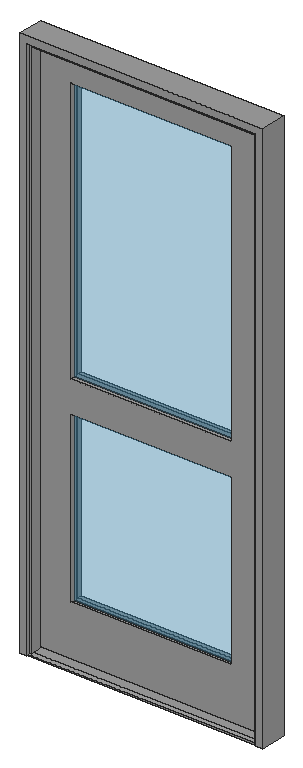
Revit family "WS-500TC-DOOR-1-PD-CW_v05", category Curtain Panels, Revit 2015
Parameters
  Width [instance] = 3' - 2"
  URL = "obe.com"
  Rough Width [instance] = 3' - 6"
  Panel Width [instance] = [Min-Max Panel Width]  # 3' - 3 1/2"
  Panel Offset [instance] = 0' - 0"
  Offset [instance] = 0' - 1"
  Model = "WS-500TC DOOR"
  Min-Max Rough Width [instance] = if(and((Rough Width > 3' 2 1/2"), (Rough Width < 3' 8 129/256")), Rough Width, 3' 2 1/2")  # 3' - 6"
  Min-Max Panel Width [instance] = if(and((Rough Width > 3' 2 1/2"), (Rough Width < 3' 8 129/256")), Rough Width - 0' 2 1/2", 3' 0")  # 3' - 3 1/2"
  Manufacturer = "Oldcastle BuildingEnvelope®"
  Keynote = "08 11 00"
  Height [instance] = 8' - 0"
  Pushbar Height [instance] = 3' - 5 1/4"  # constant formula
  Glass Material = Glass
  Frame Material = Aluminum
  Door Panel Height [instance] = Height - 0' 0 19/32"  # 7' - 11 13/32"
  Description = "WS-500TC - 1\" Door Infill"
  Assembly Code = "B2030"
  Analytic Construction = "<None>"
  8 Muntin [instance] = not([4 Muntin])  # no
  8 Bottom Rail [instance] = yes
  4 Muntin [instance] = yes
  10 Bottom Rail [instance] = not([8 Bottom Rail])  # no
Reference planes (in)
  plane 1 "Front": y = 0
  plane 2: z = 0
  plane 3 "Center (Left/Right)": x = 0
  plane 4 "Left": x = -19
  plane 5 "Right": x = 19
  plane 6 "Top": z = 96
  plane 7 "Offset": y = -1
  plane 8: x = -21
  plane 9: x = 21
Forms (in)
  Sweep 1, solid, material "Aluminum" <- "Frame Material"
    path origin (0, -1, 0) x (-1, 0, 0) y (0, 0, 1)
      loop
        line (-21, 96) -> (-21, 0)
    profile origin (21, -1, 48) x (0, 1, 0) y (-1, 0, 0)
      loop
        line (0, 0) -> (0, 1.25) -> (-2.376, 1.25) -> (-2.376, 1.75) -> (-4.088, 1.75) -> (-4.088, 1.25) -> (-4.50055, 1.25) -> (-4.50055, 0) -> (0, 0)
  Sweep 2, solid, material "Aluminum" <- "Frame Material"
    path origin (0, -1, 0) x (-1, 0, 0) y (0, 0, 1)
      loop
        line (21, 96) -> (21, 0)
    profile origin (-21, -1, 48) x (0, 1, 0) y (-1, 0, 0)
      loop
        line (0, 0) -> (-4.50055, 0) -> (-4.50055, -1.25) -> (-4.088, -1.25) -> (-4.088, -1.75) -> (-2.376, -1.75) -> (-2.376, -1.25) -> (0, -1.25) -> (0, 0)
  Sweep 3, solid, material "Aluminum" <- "Frame Material"
    path origin (0, -1, 0) x (-1, 0, 0) y (0, 0, 1)
      loop
        line (21, 96) -> (-21, 96)
    profile origin (0, -1, 96) x (0, 0, -1) y (0, 1, 0)
      loop
        line (1.25, 0) -> (0, 0) -> (0, -4.50055) -> (1.25, -4.50055) -> (1.25, -4.088) -> (1.75, -4.088) -> (1.75, -2.376) -> (1.25, -2.376) -> (1.25, 0)
Cuts and joins
  joined: Sweep 1, Sweep 2, Sweep 3
Text (in)
  text "Exterior" at (-54.29358, 31.38743, 0), in view "Ref. Level"
  text "Exterior" at (480, 41.53993, 89.60405), in view "Right"
  text "Exterior" at (-240, 57.82419, 105.78864), in view "Left"
Dimensions and locks (in)
  equal spacing: plane 4 "Left", plane 3 "Center (Left/Right)", plane 5 "Right"
  "Width": plane 4 "Left" to plane 5 "Right"
  "Height": plane 6 "Top" to plane 2
  "Offset": plane 7 "Offset" to plane 1 "Front"
  locked: plane 9 to nested 2 at 1.25
  locked: nested 3 to plane 8 at 1.25
  locked: plane 7 "Offset" to nested 3 at 1.24855
  locked: plane 7 "Offset" to nested 2 at 1.24855
  locked: plane 6 "Top" to nested 4 at 1.25
  locked: plane 7 "Offset" to nested 4 at 1.24855
  equal spacing: plane 8, plane 3 "Center (Left/Right)", plane 9
  "Min-Max Rough Width": plane 8 to plane 9
  locked: nested 1 to plane 7 "Offset" at 0.25
  aligned and locked: level to plane 2
  aligned and locked: plane 3 "Center (Left/Right)" to nested 1
  aligned and locked: plane 2 to Sweep 1 sketch curve
  aligned and locked: plane 6 "Top" to Sweep 1 sketch curve
  aligned and locked: plane 2 to Sweep 2 sketch curve
  aligned and locked: plane 6 "Top" to Sweep 2 sketch curve
  aligned and locked: plane 6 "Top" to Sweep 3 sketch curve
  aligned and locked: plane 8 to Sweep 2 sketch curve
  aligned and locked: Sweep 1 sketch curve to plane 9
  aligned and locked: plane 9 to Sweep 3 sketch curve
  aligned and locked: plane 8 to Sweep 3 sketch curve
Automatic sketch dimensions
  Sweep 2 sketch curve to profile plane = 0' - 0"
  Sweep 2 sketch curve to plane 7 "Offset" = 0' - 0"
  Sweep 2 sketch curve to plane 7 "Offset" = 0' - 2.376"
  Sweep 2 sketch curve to Sweep 2 sketch curve = 0' - 1.712"
  Sweep 2 sketch curve to Sweep 2 sketch curve = 0' - 0.41255"
  profile plane to Sweep 2 sketch curve = 0' - 1 1/4"  (x2)
  Sweep 2 sketch curve to Sweep 2 sketch curve = 0' - 0 1/2"
  Sweep 1 sketch curve to profile plane = 0' - 0"
  Sweep 1 sketch curve to plane 7 "Offset" = 0' - 0"
  Sweep 1 sketch curve to plane 7 "Offset" = 0' - 2.376"
  Sweep 1 sketch curve to Sweep 1 sketch curve = 0' - 1.712"
  Sweep 1 sketch curve to Sweep 1 sketch curve = 0' - 0.41255"
  Sweep 1 sketch curve to profile plane = 0' - 1 1/4"
  Sweep 1 sketch curve to Sweep 1 sketch curve = 0' - 1 1/4"
  Sweep 1 sketch curve to Sweep 1 sketch curve = 0' - 0 1/2"
  Sweep 3 sketch curve to plane 7 "Offset" = 0' - 0"
  Sweep 3 sketch curve to profile plane = 0' - 0"
  Sweep 3 sketch curve to Sweep 3 sketch curve = 0' - 1 1/4"  (x2)
  Sweep 3 sketch curve to Sweep 3 sketch curve = 0' - 0 1/2"
  Sweep 3 sketch curve to Sweep 3 sketch curve = 0' - 2.376"
  Sweep 3 sketch curve to Sweep 3 sketch curve = 0' - 1.712"
  Sweep 3 sketch curve to Sweep 3 sketch curve = 0' - 0.41255"
Nested families (in)
  nested 1: "WS-500TC-DOOR-1-PD-Panel_v05" at (0, -19.125, 0), Frame Material <- "Frame Material", Glass Material <- "Glass Material", Height <- "Door Panel Height", Width <- "Min-Max Panel Width", 4 Muntin <- "4 Muntin", 8 Bottom Rail <- "8 Bottom Rail", Offset <- "Offset", type "WS-500TC-DOOR-1-PD-Panel_v05"
    with built-in parameter 1001301 3' - 3 1/2", Pushbar Height 3' - 5 1/4", Offset 0' - 1", Hinge yes, built-in parameter 1001300 7' - 11 13/32", Glass at Muntin 0' - 4 9/16", Glass Material Glass, Frame Material Aluminum, Bottom Rail 0' - 8 29/32", 8 Muntin no, 8 Bottom Rail yes, 4 Muntin yes, 10 Bottom Rail no
  nested 2: "EDGE FRAME L" at (22.25, -2.24855, 0) x (-1, 0, 0) z (0, 0, 1), type "EDGE FRAME L"
  nested 3: "EDGE FRAME R" at (-22.25, -2.24855, 0) x (-1, 0, 0) z (0, 0, 1), type "EDGE FRAME R"
  nested 4: "TOP FRAME" at (0, -2.24855, 97.25) x (0, -1, 0) z (1, 0, 0), type "TOP FRAME"
Definition of nested family "WS-500TC-DOOR-1-PD-Panel_v05"
  Parameters (values of type "WS-500TC-DOOR-1-PD-Panel_v05")
    Width [instance] = 4' - 0"
    Pushbar Height [instance] = 3' - 5 1/4"  # constant formula
    Offset [instance] = 0' - 1"
    Hinge [instance] = yes
    Height [instance] = 8' - 0"
    Glass at Muntin [instance] = if([4 Muntin], 0' 4 9/16", 0' 8 9/16")  # 0' - 4 9/16"
    Glass Material [instance] = none
    Frame Material [instance] = none
    Bottom Rail [instance] = if([10 Bottom Rail], 0' 10 29/32", 0' 8 29/32")  # 0' - 8 29/32"
    Analytic Construction = "<None>"
    8 Muntin [instance] = not([4 Muntin])  # no
    4 Muntin [instance] = yes
    8 Bottom Rail [instance] = yes
    10 Bottom Rail [instance] = not([8 Bottom Rail])  # no
  Reference planes (in)
    plane 1 "00": y = 16.875
    plane 2: z = 0
    plane 3 "Center (Left/Right)": x = 0
    plane 4: z = 96
    plane 5: x = -24
    plane 6: x = 24
    plane 7 "Center (Front/Back)": y = 19
    plane 8 "Exterior": y = 17.375
    plane 9: z = 48
    plane 10: z = 92.96875
    plane 11: z = 90.87879
    plane 12: z = 38.96875
    plane 13: z = 43.53125
    plane 14: z = 8.90625
    plane 15: y = 18
    plane 16: z = 41.25
  Forms (in)
    Sweep 1, solid, material <- "Frame Material"
      path origin (0, 5, 0) x (1, 0, 0) y (0, 0, 1)
        loop
          line (-23.74884, 96) -> (23.74884, 96)
      profile origin (0, 5, 96) x (0, 0, 1) y (0, -1, 0)
        loop
          line (-5.53121, -12.375) -> (-5.53121, -12.99855) -> (-0.65625, -12.99855) -> (-0.65625, -10.74755) -> (-5.53121, -10.74755) -> (-5.53121, -11.375) -> (-5.12121, -11.375) -> (-5.12121, -12.375) -> (-5.53121, -12.375)
    Sweep 2, solid, material <- "Frame Material"
      path origin (0, 16.875, 0) x (1, 0, 0) y (0, 0, 1)
        loop
          line (23.74884, 0) -> (-23.74884, 0)
      profile origin (0, 16.875, 0) x (0, 0, -1) y (0, -1, 0)
        loop
          line (-9.43778, 1.12745) -> (-9.43778, 0.50024) -> (-8.90649, 0.50024) -> (-8.90649, -0.49976) -> (-9.43796, -0.5) -> (-9.43796, -1.12355) -> (-8.90649, -1.12355) -> (-0.68754, -1.12355) -> (-0.68754, 1.12745) -> (-9.43778, 1.12745)
        loop
          line (-0.5, -0.86754) -> (-0.25001, -1.36755) -> (0, -1.36755) -> (0, 3.13245) -> (-0.25001, 3.13245) -> (-0.5, 2.63246) -> (-0.5, -0.86754)
    Sweep 3, solid, material <- "Frame Material"
      path origin (0, 16.875, 0) x (1, 0, 0) y (0, 0, 1)
        loop
          line (24, 95.34375) -> (24, 0.68754)
      profile origin (24, 16.875, 48.01565) x (0, -1, 0) y (1, 0, 0)
        loop
          line (-1.12355, -0.09375) -> (-1.12355, -5.84371) -> (-0.5, -5.84371) -> (-0.5, -5.43371) -> (0.252, -5.43371) -> (0.5, -5.43371) -> (0.5, -5.84371) -> (1.12745, -5.84371) -> (1.12745, -0.25116) -> (-1.12355, -0.09375)
    Sweep 4, solid, material <- "Frame Material"
      path origin (0, 16.875, 0) x (1, 0, 0) y (0, 0, 1)
        loop
          line (-24, 95.34375) -> (-24, 0.68754)
      profile origin (-24, 16.875, 48.01565) x (0, -1, 0) y (1, 0, 0)
        loop
          line (-1.125, 5.84371) -> (-1.125, 0.09365) -> (1.12745, 0.25116) -> (1.12745, 5.84371) -> (0.5, 5.84371) -> (0.5, 5.43371) -> (-0.5, 5.43371) -> (-0.5, 5.84371) -> (-1.125, 5.84371)
    Sweep 5, solid, material <- "Frame Material"
      path origin (0, 16.875, 0) x (1, 0, 0) y (0, 0, 1)
        loop
          line (23.74884, 48) -> (-23.74884, 48)
      profile origin (0, 16.875, 48) x (0, 0, -1) y (0, -1, 0)
        loop
          line (3.93679, 0.5) -> (4.46875, 0.5) -> (4.46875, -0.5) -> (3.93679, -0.5) -> (3.93679, -1.12355) -> (9.44125, -1.12355) -> (9.44125, -0.5) -> (9.03125, -0.5) -> (9.03125, 0.5) -> (9.44125, 0.5) -> (9.44125, 1.12745) -> (3.93679, 1.12745) -> (3.93679, 0.5)
    Extrusion 6, solid, material <- "Glass Material", detail levels coarse
      sketch origin (0, 0, 0) x (1, 0, 0) y (0, 1, 0)
        loop
          line (-18.56629, 16.375) -> (18.56629, 16.375) -> (18.56629, 17.375) -> (-18.56629, 17.375) -> (-18.56629, 16.375)
      from 43.53125 to 90.87879
    Extrusion 7, solid, material <- "Glass Material", detail levels medium+fine
      sketch origin (0, 0, 0) x (1, 0, 0) y (0, 1, 0)
        loop
          line (-18.56629, 16.375) -> (18.56629, 16.375) -> (18.56629, 16.623) -> (-18.56629, 16.623) -> (-18.56629, 16.375)
        loop
          line (18.56629, 17.375) -> (-18.56629, 17.375) -> (-18.56629, 17.127) -> (18.56629, 17.127) -> (18.56629, 17.375)
      from 43.53125 to 90.87879
    Extrusion 8, solid, material <- "Glass Material", detail levels coarse
      sketch origin (0, 0, 0) x (1, 0, 0) y (0, 1, 0)
        loop
          line (-18.56629, 16.375) -> (18.56629, 16.375) -> (18.56629, 17.375) -> (-18.56629, 17.375) -> (-18.56629, 16.375)
      from 8.90625 to 38.96875
    Extrusion 9, solid, material <- "Glass Material", detail levels medium+fine
      sketch origin (0, 0, 0) x (1, 0, 0) y (0, 1, 0)
        loop
          line (-18.56629, 16.375) -> (18.56629, 16.375) -> (18.56629, 16.623) -> (-18.56629, 16.623) -> (-18.56629, 16.375)
        loop
          line (-18.56629, 17.127) -> (18.56629, 17.127) -> (18.56629, 17.375) -> (-18.56629, 17.375) -> (-18.56629, 17.127)
      from 8.90625 to 38.96875
  Cuts and joins
    joined: Sweep 1, Sweep 2, Sweep 3, Sweep 4, Sweep 5
  Lines and regions (in)
    model lines
      curve 1: line (-18.15629, 16.875, 48) -> (18.15629, 16.875, 9.43778)
      curve 2: line (-18.15629, 16.875, 48) -> (18.15629, 16.875, 90.46879)
  Dimensions and locks (in)
    "Offset": plane 15 to plane 7 "Center (Front/Back)"
    plane 1 "00" to plane 8 "Exterior" to plane 15 = 0' - 0 1/2" locked, 0' - 0 5/8" locked
    equal spacing: level, plane 9, plane 4
    locked: plane 4 to plane 10 at 3.03125
    Extrusion 7 sketch curve to Extrusion 7 sketch curve to nested 1 to Extrusion 7 sketch curve to Extrusion 7 sketch curve = 0' - 0.248" locked, 0' - 0.252" locked, 0' - 0.252" locked, 0' - 0.248" locked
    Extrusion 8 sketch curve to plane 1 "00" to Extrusion 8 sketch curve = 0' - 0 1/2" locked, 0' - 0 1/2" locked
    Extrusion 9 sketch curve to Extrusion 9 sketch curve to plane 1 "00" to Extrusion 9 sketch curve to Extrusion 9 sketch curve = 0' - 0.248" locked, 0' - 0.252" locked, 0' - 0.252" locked, 0' - 0.248" locked
    "Glass at Muntin": plane 12 to plane 13
    locked: plane 11 to plane 4 at 5.12121
    "Height": plane 4 to plane 2
    locked: Sweep 1 sketch curve to plane 11 at 0.41  (x2)
    "Bottom Rail": plane 14 to plane 2
    locked: plane 14 to Sweep 2 sketch curve at 0.53153
    locked: Sweep 2 sketch curve to plane 14 at 0.53171
    Extrusion 6 sketch curve to Extrusion 6 sketch curve to plane 8 "Exterior" = 0' - 1" locked, 0' - 0" locked
    locked: plane 13 to Sweep 5 sketch curve at 0.53196  (x2)
    locked: Sweep 5 sketch curve to plane 12 at 0.41  (x2)
    equal spacing: plane 5, plane 3 "Center (Left/Right)", plane 6
    "Width": plane 5 to plane 6
    equal spacing: plane 12, plane 16, plane 13
    "Pushbar Height": plane 2 to plane 16
    locked: plane 2 to Sweep 3 sketch curve at 0.68754
    locked: plane 2 to Sweep 4 sketch curve at 0.68754
    aligned and locked: plane 2 to level
    aligned and locked: plane 1 "00" to nested 1
    aligned and locked: plane 3 "Center (Left/Right)" to nested 1
    aligned and locked: Sweep 1 sketch curve to plane 4
    aligned and locked: Sweep 2 sketch curve to level
    aligned and locked: level to nested 2
    aligned and locked: nested 2 to plane 1 "00"
    aligned and locked: Sweep 5 sketch curve to plane 9
    aligned and locked: Extrusion 7 to plane 11
    aligned and locked: Extrusion 6 to plane 11
    aligned and locked: plane 13 to Extrusion 7
    aligned and locked: Extrusion 9 to plane 12
    aligned and locked: Extrusion 8 to plane 12
    aligned and locked: plane 9 to curve 1
    aligned and locked: Extrusion 9 to plane 14
    aligned and locked: Extrusion 8 to plane 14
    aligned and locked: Sweep 3 sketch curve to plane 6
    aligned and locked: Sweep 4 sketch curve to plane 5
    aligned and locked: plane 13 to Extrusion 6
    aligned and locked: Sweep 3 sketch curve to nested 1  (x6)
    aligned and locked: Sweep 3 sketch curve to Sweep 3 sketch curve
    aligned and locked: Sweep 4 sketch curve to nested 1  (x5)
    aligned and locked: Sweep 4 sketch curve to plane 15
    aligned and locked: Sweep 4 sketch curve to Sweep 4 sketch curve
    aligned and locked: Sweep 4 sketch curve to plane 8 "Exterior"
    aligned and locked: cut or joined group of Sweep 1, Sweep 2, Sweep 3, Sweep 4, Sweep 5 to Sweep 4 sketch curve
    aligned and locked: Sweep 3 sketch curve to cut or joined group of Sweep 1, Sweep 2, Sweep 3, Sweep 4, Sweep 5
    aligned and locked: Extrusion 9 sketch curve to Extrusion 9 sketch curve  (x2)
    aligned and locked: nested 1 to Extrusion 9 sketch curve
    aligned and locked: Extrusion 9 sketch curve to nested 1
    aligned and locked: cut or joined group of Sweep 1, Sweep 2, Sweep 3, Sweep 4, Sweep 5 to Extrusion 8 sketch curve
    aligned and locked: Extrusion 8 sketch curve to cut or joined group of Sweep 1, Sweep 2, Sweep 3, Sweep 4, Sweep 5
    aligned and locked: nested 1 to Extrusion 7 sketch curve
    aligned and locked: Extrusion 7 sketch curve to Extrusion 7 sketch curve  (x2)
    aligned and locked: Extrusion 7 sketch curve to nested 1
    aligned and locked: Extrusion 6 sketch curve to nested 1
    aligned and locked: Extrusion 6 sketch curve to cut or joined group of Sweep 1, Sweep 2, Sweep 3, Sweep 4, Sweep 5
  Automatic sketch dimensions
    plane 1 "00" to Sweep 1 sketch curve = 0' - 1.12745"
    profile plane to Sweep 1 sketch curve = 0' - 0 21/32"
    plane 1 "00" to Sweep 1 sketch curve = 0' - 0 1/2"
    Sweep 1 sketch curve to plane 1 "00" = 0' - 0 1/2"
    Sweep 1 sketch curve to plane 1 "00" = 0' - 1.12355"
    Sweep 1 sketch curve to Sweep 1 sketch curve = 0' - 0.41"
    plane 1 "00" to Sweep 5 sketch curve = 0' - 0 1/2"  (x2)
    Sweep 5 sketch curve to Sweep 5 sketch curve = 0' - 0.53196"
    Sweep 5 sketch curve to plane 1 "00" = 0' - 0 1/2"  (x2)
    Sweep 5 sketch curve to Sweep 5 sketch curve = 0' - 0.62355"
    Sweep 5 sketch curve to Sweep 5 sketch curve = 0' - 0.62745"
    Sweep 2 sketch curve to profile plane = 0' - 0"
    Sweep 2 sketch curve to Sweep 2 sketch curve = 0' - 0.53128"
    Sweep 2 sketch curve to plane 1 "00" = 0' - 0.49976"
    Sweep 2 sketch curve to Sweep 2 sketch curve = 0' - 0"  (x2)
    profile plane to Sweep 2 sketch curve = 0' - 0 1/4"  (x2)
    Sweep 2 sketch curve to Sweep 2 sketch curve = 0' - 0.62379"
    plane 1 "00" to Sweep 2 sketch curve = 0' - 0.50024"
    Sweep 2 sketch curve to Sweep 2 sketch curve = 0' - 0.62721"
    Sweep 2 sketch curve to Sweep 2 sketch curve = 0' - 1.50501"
    Sweep 2 sketch curve to Sweep 2 sketch curve = 0' - 0 1/2"
    Sweep 2 sketch curve to plane 1 "00" = 0' - 0 1/2"
    Sweep 5 sketch curve to Sweep 5 sketch curve = 0' - 0.41"
    Sweep 2 sketch curve to Sweep 2 sketch curve = 0' - 0.18754"
    Sweep 2 sketch curve to Sweep 2 sketch curve = 0' - 0.43753"
    Sweep 2 sketch curve to Sweep 2 sketch curve = 0' - 0.244"
    Sweep 2 sketch curve to Sweep 2 sketch curve = 0' - 0.25601"
    Sweep 3 sketch curve to Sweep 3 sketch curve = 0' - 0.248"
    profile plane to Sweep 3 sketch curve = 0' - 0 3/32"
    plane 5 to Sweep 2 sketch curve = 0' - 0.25116"
    Sweep 2 sketch curve to plane 6 = 0' - 0.25116"
    plane 5 to Sweep 5 sketch curve = 0' - 0.25116"
    Sweep 5 sketch curve to plane 6 = 0' - 0.25116"
    plane 5 to Sweep 1 sketch curve = 0' - 0.25116"
    Sweep 1 sketch curve to plane 6 = 0' - 0.25116"
    plane 5 to curve 2 = 0' - 5.84371"
    plane 11 to curve 2 = 0' - 0.41"
    curve 2 to plane 6 = 0' - 5.84371"
    plane 14 to curve 1 = 0' - 0.53153"
    curve 1 to plane 6 = 0' - 5.84371"
  Nested families (in)
    nested 1: "WS-500TC-DOOR-1-PD-Plan View_v02" at (0, 16.875, 0), Width <- "Width", type "WS-500TC-1-PD-Plan View"
      with Width 4' - 0"
    nested 2: "WS-500TC-DOOR-1-PD-Section_v02" at (0, 16.875, 0) x (0, -1, 0) z (1, 0, 0), Height <- "Height", 4 Muntin <- "4 Muntin", 8 Muntin <- "8 Muntin", 8 Bottom Rail <- "8 Bottom Rail", type "WS-500TC-DOOR-1-PD-Section_v02"
      with Pushbar Height 3' - 5 1/4", Height 8' - 0", Glass at Muntins 0' - 4 9/16", Bottom Rail 0' - 8 29/32", 8 Muntin no, 8 Bottom Rail yes, 4 Muntin yes, 10 Bottom Rail no
  Definition of nested family "WS-500TC-DOOR-1-PD-Plan View_v02"
    Parameters (values of type "WS-500TC-1-PD-Plan View")
      Width [instance] = 3' - 0"
    Reference planes (in)
      plane 1 "Center (Front/Back)": y = 0
      plane 2: z = 0
      plane 3 "Center (Left/Right)": x = 0
      plane 4: x = -18
      plane 5: x = 18
      plane 6: x = 16.4885
      plane 7: y = 37.5
      plane 8: x = 17.90625
      plane 9: y = 1.5
    Lines and regions (in)
      detail lines, in view "Ref. Level", not visible
        curve 1: line (12.55454, 0.5, 0) -> (-12.31604, 0.5, 0)
        curve 2: line (12.55454, 0.252, 0) -> (-12.31604, 0.252, 0)
        curve 3: line (12.55454, -0.252, 0) -> (-12.31604, -0.252, 0)
        curve 4: line (-12.31604, -0.5, 0) -> (12.55454, -0.5, 0)
      detail lines, in view "Ref. Level"
        curve 5: line (16.9885, 6.83996, 0) -> (16.9885, 32.06617, 0)
        curve 14: line (15.9885, 6.83996, 0) -> (15.9885, 32.06617, 0)
        curve 15: arc (-17.90625, 1.12355, 0) -> (-7.65575, 26.62336, 0) -> (17.62355, 37.40625, 0) r 35.90822
      detail lines, in view "Ref. Level", detail levels fine
        curve 6: line (16.9265, 6.83996, 0) -> (16.9265, 32.06617, 0)
        curve 7: line (16.8645, 6.83996, 0) -> (16.8645, 32.06617, 0)
        curve 8: line (16.8025, 6.83996, 0) -> (16.8025, 32.06617, 0)
        curve 11: line (16.1745, 6.83996, 0) -> (16.1745, 32.06617, 0)
        curve 12: line (16.1125, 6.83996, 0) -> (16.1125, 32.06617, 0)
        curve 13: line (16.0505, 6.83996, 0) -> (16.0505, 32.06617, 0)
      detail lines, in view "Ref. Level", detail levels medium+fine
        curve 9: line (16.7405, 6.83996, 0) -> (16.7405, 32.06617, 0)
        curve 10: line (16.2365, 6.83996, 0) -> (16.2365, 32.06617, 0)
    Dimensions and locks (in)
      locked: nested 1 to plane 4 at 2.50025
      plane 6 to plane 5 to nested 3 = 0' - 1.5115" locked, 0' - 2.50025" locked
      locked: nested 4 to plane 1 "Center (Front/Back)" at 1.094
      locked: plane 7 to nested 2 at 2.50013
      "Width": plane 9 to plane 7
      equal spacing: plane 4, plane 3 "Center (Left/Right)", plane 5
      "Width": plane 4 to plane 5
      locked: plane 8 to plane 5 at 0.09375
      locked: plane 1 "Center (Front/Back)" to plane 9 at 1.5
      locked: plane 4 to nested 1 at 0.09375
      aligned and locked: nested 1 to plane 1 "Center (Front/Back)"
      aligned and locked: plane 6 to nested 2
      aligned and locked: plane 6 to nested 4
      aligned and locked: plane 9 to nested 4
      aligned and locked: plane 8 to nested 3
      aligned and locked: plane 9 to curve 15
      aligned and locked: curve 15 to nested 1
    Automatic sketch dimensions
      curve 15 to plane 8 = 0' - 0.2827"
      plane 6 to curve 5 = 0' - 0 1/2"
      curve 6 to curve 5 = 0' - 0.062"
      curve 7 to curve 6 = 0' - 0.062"
      curve 8 to curve 7 = 0' - 0.062"
      curve 9 to curve 8 = 0' - 0.062"
      curve 10 to plane 6 = 0' - 0.252"
      curve 11 to curve 10 = 0' - 0.062"
      curve 12 to curve 11 = 0' - 0.062"
      curve 13 to curve 12 = 0' - 0.062"
      curve 14 to curve 13 = 0' - 0.062"
      curve 1 to plane 1 "Center (Front/Back)" = 0' - 0 1/2"
      curve 1 to plane 6 = 0' - 3.93396"
      plane 1 "Center (Front/Back)" to curve 3 = 0' - 0.252"
      curve 3 to curve 1 = 0' - 0"
      curve 4 to curve 3 = 0' - 0"  (x2)
      curve 2 to curve 1 = 0' - 0"
      plane 4 to curve 3 = 0' - 5.68396"
      curve 2 to plane 1 "Center (Front/Back)" = 0' - 0.252"
      curve 2 to curve 3 = 0' - 0"
      curve 1 to curve 2 = 0' - 0"
      plane 4 to curve 15 = 0' - 0 3/32"
      curve 4 to curve 3 = 0' - 0.248"
      curve 6 to plane 9 = 0' - 5.33996"
      curve 13 to curve 6 = 0' - 0"
      curve 7 to curve 6 = 0' - 0"  (x2)
      curve 13 to curve 12 = 0' - 0"  (x2)
      curve 8 to curve 7 = 0' - 0"  (x2)
      curve 6 to curve 5 = 0' - 0"  (x2)
      curve 9 to curve 8 = 0' - 0"
      curve 12 to curve 11 = 0' - 0"  (x2)
      curve 11 to curve 10 = 0' - 0"  (x2)
      curve 14 to curve 13 = 0' - 0"  (x2)
      plane 7 to curve 11 = 0' - 5.43383"
      curve 11 to curve 7 = 0' - 0"
      curve 9 to curve 7 = 0' - 0"
      curve 15 to plane 5 = 0' - 0"
    Nested families (in)
      nested 1: "HINGE-PD-DI" at (-20.50025, 0, 0), type "HINGE-PD-DI", in view "Ref. Level", not visible
      nested 2: "HINGE-PD-DI" at (16.4885, 40.00013, 0) x (0, -1, 0) z (0, 0, 1), type "HINGE-PD-DI", in view "Ref. Level"
      nested 3: "HINGE-PD-DI" at (20.50025, 0, 0) x (-1, 0, 0) z (0, 0, 1), type "HINGE-PD-DI", in view "Ref. Level", not visible
      nested 4: "HINGE-PD-DI" at (16.4885, -1.094, 0) x (0, 1, 0) z (0, 0, 1), type "HINGE-PD-DI", in view "Ref. Level"
    Definition of nested family "HINGE-PD-DI"
      Reference planes (in)
        plane 1 "Center (Front/Back)": y = 0
        plane 2: z = 0
        plane 3 "Center (Left/Right)": x = 0
      Lines and regions (in)
        detail lines, in view "Ref. Level"
          curve 1: line (2.75141, 1.12745, 0) -> (2.594, -1.12355, 0)
          curve 2: line (2.594, -1.12355, 0) -> (8.34396, -1.12355, 0)
          curve 3: line (8.34396, -1.12355, 0) -> (8.34396, -0.5, 0)
          curve 4: line (8.34396, -0.5, 0) -> (7.93396, -0.5, 0)
          curve 5: line (7.93396, -0.5, 0) -> (7.93396, 0.5, 0)
          curve 6: line (7.93396, 0.5, 0) -> (8.34396, 0.5, 0)
          curve 7: line (8.34396, 0.5, 0) -> (8.34396, 1.12745, 0)
          curve 8: line (8.34396, 1.12745, 0) -> (2.75141, 1.12745, 0)
  Definition of nested family "WS-500TC-DOOR-1-PD-Section_v02"
    Parameters (values of type "WS-500TC-DOOR-1-PD-Section_v02")
      Pushbar Height [instance] = 3' - 5 1/4"  # constant formula
      Height [instance] = 8' - 0"
      Glass at Muntins [instance] = if([4 Muntin], 0' 4 9/16", 0' 8 9/16")  # 0' - 4 9/16"
      Bottom Rail [instance] = if([10 Bottom Rail], 0' 10 29/32", 0' 8 29/32")  # 0' - 8 29/32"
      8 Muntin [instance] = not([4 Muntin])  # no
      8 Bottom Rail [instance] = yes
      4 Muntin [instance] = yes
      10 Bottom Rail [instance] = not([8 Bottom Rail])  # no
    Reference planes (in)
      plane 1 "Center (Front/Back)": y = 0
      plane 2: z = 0
      plane 3 "Center (Left/Right)": x = 0
      plane 4: y = 90.87879
      plane 5: y = 43.53125
      plane 6: y = 38.96875
      plane 7: y = 44.06321
      plane 8: y = 96
      plane 9: y = 8.90625
      plane 10: y = 41.25
    Lines and regions (in)
      detail lines, in view "Ref. Level"
        curve 1: line (-0.5, 38.96875, 0) -> (-0.5, 8.90625, 0)
        curve 10: line (0.5, 38.96875, 0) -> (0.5, 8.90625, 0)
        curve 11: line (-0.5, 90.87879, 0) -> (-0.5, 43.53125, 0)
        curve 20: line (0.5, 90.87879, 0) -> (0.5, 43.53125, 0)
      detail lines, in view "Ref. Level", detail levels fine
        curve 2: line (-0.438, 38.96875, 0) -> (-0.438, 8.90625, 0)
        curve 3: line (-0.376, 38.96875, 0) -> (-0.376, 8.90625, 0)
        curve 4: line (-0.314, 38.96875, 0) -> (-0.314, 8.90625, 0)
        curve 7: line (0.314, 38.96875, 0) -> (0.314, 8.90625, 0)
        curve 8: line (0.376, 38.96875, 0) -> (0.376, 8.90625, 0)
        curve 9: line (0.438, 38.96875, 0) -> (0.438, 8.90625, 0)
        curve 12: line (-0.438, 90.87879, 0) -> (-0.438, 43.53125, 0)
        curve 13: line (-0.376, 90.87879, 0) -> (-0.376, 43.53125, 0)
        curve 14: line (-0.314, 90.87879, 0) -> (-0.314, 43.53125, 0)
        curve 17: line (0.314, 90.87879, 0) -> (0.314, 43.53125, 0)
        curve 18: line (0.376, 90.87879, 0) -> (0.376, 43.53125, 0)
        curve 19: line (0.438, 90.87879, 0) -> (0.438, 43.53125, 0)
      detail lines, in view "Ref. Level", detail levels medium+fine
        curve 5: line (-0.252, 38.96875, 0) -> (-0.252, 8.90625, 0)
        curve 6: line (0.252, 38.96875, 0) -> (0.252, 8.90625, 0)
        curve 15: line (-0.252, 90.87879, 0) -> (-0.252, 43.53125, 0)
        curve 16: line (0.252, 90.87879, 0) -> (0.252, 43.53125, 0)
    Dimensions and locks (in)
      locked: plane 5 to plane 7 at 0.53196
      "Glass at Muntins": plane 6 to plane 5
      nested 1 to plane 8 to plane 4 = 0' - 3 3/32" locked, 0' - 5.12121" locked
      "Bottom Rail": plane 1 "Center (Front/Back)" to plane 9
      "Height": plane 1 "Center (Front/Back)" to plane 8
      equal spacing: plane 6, plane 10, plane 5
      "Pushbar Height": plane 1 "Center (Front/Back)" to plane 10
      aligned and locked: plane 3 "Center (Left/Right)" to nested 1
      aligned and locked: plane 3 "Center (Left/Right)" to nested 2
      aligned and locked: plane 7 to nested 4
      aligned and locked: plane 3 "Center (Left/Right)" to nested 4
      aligned and locked: plane 7 to nested 5
      aligned and locked: plane 3 "Center (Left/Right)" to nested 5
      aligned and locked: plane 6 to curve 1
      aligned and locked: plane 6 to curve 2
      aligned and locked: plane 6 to curve 3
      aligned and locked: plane 6 to curve 4
      aligned and locked: plane 6 to curve 5
      aligned and locked: plane 6 to curve 10
      aligned and locked: plane 6 to curve 8
      aligned and locked: plane 6 to curve 9
      aligned and locked: plane 6 to curve 7
      aligned and locked: plane 6 to curve 6
      aligned and locked: plane 5 to curve 11
      aligned and locked: plane 5 to curve 12
      aligned and locked: plane 5 to curve 13
      aligned and locked: plane 5 to curve 14
      aligned and locked: plane 5 to curve 15
      aligned and locked: plane 5 to curve 16
      aligned and locked: plane 5 to curve 17
      aligned and locked: plane 5 to curve 18
      aligned and locked: plane 5 to curve 19
      aligned and locked: plane 5 to curve 20
      aligned and locked: plane 9 to curve 1
      aligned and locked: plane 9 to curve 2
      aligned and locked: plane 9 to curve 3
      aligned and locked: plane 9 to curve 4
      aligned and locked: plane 9 to curve 5
      aligned and locked: plane 9 to curve 6
      aligned and locked: plane 9 to curve 7
      aligned and locked: plane 9 to curve 8
      aligned and locked: plane 9 to curve 9
      aligned and locked: plane 9 to curve 10
      aligned and locked: plane 4 to curve 11
      aligned and locked: plane 4 to curve 12
      aligned and locked: plane 4 to curve 13
      aligned and locked: plane 4 to curve 14
      aligned and locked: plane 4 to curve 15
      aligned and locked: plane 4 to curve 16
      aligned and locked: plane 4 to curve 17
      aligned and locked: plane 4 to curve 18
      aligned and locked: plane 4 to curve 19
      aligned and locked: plane 4 to curve 20
      aligned and locked: plane 3 "Center (Left/Right)" to nested 3
      aligned and locked: nested 3 to plane 1 "Center (Front/Back)"
    Automatic sketch dimensions
      curve 1 to plane 3 "Center (Left/Right)" = 0' - 0 1/2"
      curve 11 to plane 3 "Center (Left/Right)" = 0' - 0 1/2"
      curve 1 to curve 2 = 0' - 0.062"
      curve 11 to curve 12 = 0' - 0.062"
      curve 2 to curve 3 = 0' - 0.062"
      curve 12 to curve 13 = 0' - 0.062"
      curve 13 to curve 14 = 0' - 0.062"
      curve 3 to curve 4 = 0' - 0.062"
      curve 4 to curve 5 = 0' - 0.062"
      curve 14 to curve 15 = 0' - 0.062"
      plane 3 "Center (Left/Right)" to curve 16 = 0' - 0.252"
      plane 3 "Center (Left/Right)" to curve 6 = 0' - 0.252"
      curve 6 to curve 7 = 0' - 0.062"
      curve 16 to curve 17 = 0' - 0.062"
      curve 17 to curve 18 = 0' - 0.062"
      curve 7 to curve 8 = 0' - 0.062"
      curve 8 to curve 9 = 0' - 0.062"
      curve 18 to curve 19 = 0' - 0.062"
      curve 9 to curve 10 = 0' - 0.062"
      curve 19 to curve 20 = 0' - 0.062"
      curve 20 to plane 4 = 0' - 0"
    Nested families (in)
      nested 1: "TOP RAIL-DI" at (0, 99.09375, 0), type "TOP RAIL-DI", in view "Ref. Level"
      nested 2: "8 BOT RAIL-DI" at (0, 9.4375, 0), visible <- "8 Bottom Rail", type "8 BOT RAIL-DI", in view "Ref. Level"
      nested 3: "10 BOT RAIL-DI" at (0, 11.43796, 0), visible <- "10 Bottom Rail", type "10 BOT RAIL-DI", in view "Ref. Level"
      nested 4: "4 MUNTIN-DI" at (0, 44.06321, 0), visible <- "4 Muntin", type "4 MUNTIN-DI", in view "Ref. Level"
      nested 5: "8 MUNTIN-DI" at (0, 44.06321, 0), visible <- "8 Muntin", type "8 MUNTIN-DI", in view "Ref. Level"
    Definition of nested family "TOP RAIL-DI"
      Reference planes (in)
        plane 1 "Center (Front/Back)": y = 0
        plane 2: z = 0
        plane 3 "Center (Left/Right)": x = 0
      Lines and regions (in)
        detail lines, in view "Ref. Level"
          curve 1: line (-1.12355, -3.875, 0) -> (1.12745, -3.875, 0)
          curve 2: line (1.12745, -3.875, 0) -> (1.12745, -8.62496, 0)
          curve 3: line (1.12745, -8.62496, 0) -> (0.5, -8.62496, 0)
          curve 4: line (0.5, -8.62496, 0) -> (0.5, -8.21496, 0)
          curve 5: line (0.5, -8.21496, 0) -> (-0.5, -8.21496, 0)
          curve 6: line (-0.5, -8.21496, 0) -> (-0.5, -8.62496, 0)
          curve 7: line (-0.5, -8.62496, 0) -> (-1.12355, -8.62496, 0)
          curve 8: line (-1.12355, -8.62496, 0) -> (-1.12355, -3.875, 0)
    Definition of nested family "8 BOT RAIL-DI"
      Reference planes (in)
        plane 1 "Center (Front/Back)": y = 0
        plane 2: z = 0
        plane 3 "Center (Left/Right)": x = 0
      Lines and regions (in)
        detail lines, in view "Ref. Level"
          curve 1: line (-1.12355, 0, 0) -> (-0.5, 0, 0)
          curve 2: line (-0.5, 0, 0) -> (-0.5, -0.53196, 0)
          curve 3: line (-0.5, -0.53196, 0) -> (0.5, -0.53196, 0)
          curve 4: line (0.5, -0.53196, 0) -> (0.5, 0, 0)
          curve 5: line (0.5, 0, 0) -> (1.12745, 0, 0)
          curve 6: line (1.12745, 0, 0) -> (1.12745, -8.74996, 0)
          curve 7: line (1.12745, -8.74996, 0) -> (-1.12355, -8.74996, 0)
          curve 8: line (-1.12355, -8.74996, 0) -> (-1.12355, 0, 0)
          curve 9: line (-0.86756, -8.93796, 0) -> (-1.36755, -9.18795, 0)
          curve 10: line (-1.36755, -9.18795, 0) -> (-1.36755, -9.43796, 0)
          curve 11: line (-1.36755, -9.43796, 0) -> (3.13245, -9.43796, 0)
          curve 12: line (3.13245, -9.43796, 0) -> (3.13245, -9.18795, 0)
          curve 13: line (3.13245, -9.18795, 0) -> (2.63246, -8.93796, 0)
          curve 14: line (2.63246, -8.93796, 0) -> (-0.86756, -8.93796, 0)
    Definition of nested family "10 BOT RAIL-DI"
      Reference planes (in)
        plane 1 "Center (Front/Back)": y = 0
        plane 2: z = 0
        plane 3 "Center (Left/Right)": x = 0
      Lines and regions (in)
        detail lines, in view "Ref. Level"
          curve 1: line (-1.12355, 0, 0) -> (-0.5, 0, 0)
          curve 2: line (-0.5, 0, 0) -> (-0.5, -0.53196, 0)
          curve 3: line (-0.5, -0.53196, 0) -> (0.5, -0.53196, 0)
          curve 4: line (0.5, -0.53196, 0) -> (0.5, 0, 0)
          curve 5: line (0.5, 0, 0) -> (1.12745, 0, 0)
          curve 6: line (1.12745, 0, 0) -> (1.12745, -10.74996, 0)
          curve 7: line (1.12745, -10.74996, 0) -> (-1.12355, -10.74996, 0)
          curve 8: line (-1.12355, -10.74996, 0) -> (-1.12355, 0, 0)
          curve 9: line (2.63246, -10.93796, 0) -> (-0.86754, -10.93796, 0)
          curve 10: line (-0.86754, -10.93796, 0) -> (-1.36755, -11.18795, 0)
          curve 11: line (-1.36755, -11.18795, 0) -> (-1.36755, -11.43796, 0)
          curve 12: line (-1.36755, -11.43796, 0) -> (3.13245, -11.43796, 0)
          curve 13: line (3.13245, -11.43796, 0) -> (3.13245, -11.18795, 0)
          curve 14: line (3.13245, -11.18795, 0) -> (2.63246, -10.93796, 0)
    Definition of nested family "4 MUNTIN-DI"
      Reference planes (in)
        plane 1 "Center (Front/Back)": y = 0
        plane 2: z = 0
        plane 3 "Center (Left/Right)": x = 0
      Lines and regions (in)
        detail lines, in view "Ref. Level"
          curve 1: line (-1.12355, 0, 0) -> (-0.5, 0, 0)
          curve 2: line (-0.5, 0, 0) -> (-0.5, -0.53196, 0)
          curve 3: line (-0.5, -0.53196, 0) -> (0.5, -0.53196, 0)
          curve 4: line (0.5, -0.53196, 0) -> (0.5, 0, 0)
          curve 5: line (0.5, 0, 0) -> (1.12745, 0, 0)
          curve 6: line (1.12745, 0, 0) -> (1.12745, -5.49992, 0)
          curve 7: line (1.12745, -5.49992, 0) -> (0.5, -5.49992, 0)
          curve 8: line (0.5, -5.49992, 0) -> (0.5, -5.08992, 0)
          curve 9: line (0.5, -5.08992, 0) -> (-0.5, -5.08992, 0)
          curve 10: line (-0.5, -5.08992, 0) -> (-0.5, -5.49992, 0)
          curve 11: line (-0.5, -5.49992, 0) -> (-1.12355, -5.49992, 0)
          curve 12: line (-1.12355, -5.49992, 0) -> (-1.12355, 0, 0)
    Definition of nested family "8 MUNTIN-DI"
      Reference planes (in)
        plane 1 "Center (Front/Back)": y = 0
        plane 2: z = 0
        plane 3 "Center (Left/Right)": x = 0
      Lines and regions (in)
        detail lines, in view "Ref. Level"
          curve 1: line (0.5, 0, 0) -> (1.12745, 0, 0)
          curve 2: line (1.12745, 0, 0) -> (1.12745, -9.49992, 0)
          curve 3: line (1.12745, -9.49992, 0) -> (0.5, -9.49992, 0)
          curve 4: line (0.5, -9.49992, 0) -> (0.5, -9.08992, 0)
          curve 5: line (0.5, -9.08992, 0) -> (-0.5, -9.08992, 0)
          curve 6: line (-0.5, -9.08992, 0) -> (-0.5, -9.49992, 0)
          curve 7: line (-0.5, -9.49992, 0) -> (-1.12355, -9.49992, 0)
          curve 8: line (-1.12355, -9.49992, 0) -> (-1.12355, 0, 0)
          curve 9: line (-1.12355, 0, 0) -> (-0.5, 0, 0)
          curve 10: line (-0.5, 0, 0) -> (-0.5, -0.53196, 0)
          curve 11: line (-0.5, -0.53196, 0) -> (0.5, -0.53196, 0)
          curve 12: line (0.5, -0.53196, 0) -> (0.5, 0, 0)
Definition of nested family "EDGE FRAME L"
  Reference planes (in)
    plane 1 "Center (Front/Back)": y = 0
    plane 2: z = 0
    plane 3 "Center (Left/Right)": x = 0
  Lines and regions (in)
    detail lines, in view "Ref. Level"
      curve 1: line (2.5, -1.24855, 0) -> (2.5, 1.12745, 0)
      curve 2: line (2.5, 1.12745, 0) -> (3, 1.12745, 0)
      curve 3: line (3, 1.12745, 0) -> (3, 2.83945, 0)
      curve 4: line (3, 2.83945, 0) -> (2.5, 2.83945, 0)
      curve 5: line (2.5, 2.83945, 0) -> (2.5, 3.25145, 0)
      curve 6: line (2.5, 3.25145, 0) -> (1.25, 3.25145, 0)
      curve 7: line (1.25, 3.25145, 0) -> (1.25, -1.24855, 0)
      curve 8: line (1.25, -1.24855, 0) -> (2.5, -1.24855, 0)
Definition of nested family "EDGE FRAME R"
  Reference planes (in)
    plane 1 "Center (Front/Back)": y = 0
    plane 2: z = 0
    plane 3 "Center (Left/Right)": x = 0
  Lines and regions (in)
    detail lines, in view "Ref. Level"
      curve 1: line (-2.5, -1.24855, 0) -> (-2.5, 1.12745, 0)
      curve 2: line (-2.5, 1.12745, 0) -> (-3, 1.12745, 0)
      curve 3: line (-3, 1.12745, 0) -> (-3, 2.83945, 0)
      curve 4: line (-3, 2.83945, 0) -> (-2.5, 2.83945, 0)
      curve 5: line (-2.5, 2.83945, 0) -> (-2.5, 3.25145, 0)
      curve 6: line (-2.5, 3.25145, 0) -> (-1.25, 3.25145, 0)
      curve 7: line (-1.25, 3.25145, 0) -> (-1.25, -1.24855, 0)
      curve 8: line (-1.25, -1.24855, 0) -> (-2.5, -1.24855, 0)
Definition of nested family "TOP FRAME"
  Reference planes (in)
    plane 1 "Center (Front/Back)": y = 0
    plane 2: z = 0
    plane 3 "Center (Left/Right)": x = 0
  Lines and regions (in)
    detail lines, in view "Ref. Level"
      curve 1: line (-1.24855, -2.5, 0) -> (1.12745, -2.5, 0)
      curve 2: line (1.12745, -2.5, 0) -> (1.12745, -3, 0)
      curve 3: line (1.12745, -3, 0) -> (2.83945, -3, 0)
      curve 4: line (2.83945, -3, 0) -> (2.83945, -2.5, 0)
      curve 5: line (2.83945, -2.5, 0) -> (3.25145, -2.5, 0)
      curve 6: line (3.25145, -2.5, 0) -> (3.25145, -1.25, 0)
      curve 7: line (3.25145, -1.25, 0) -> (-1.24855, -1.25, 0)
      curve 8: line (-1.24855, -1.25, 0) -> (-1.24855, -2.5, 0)
